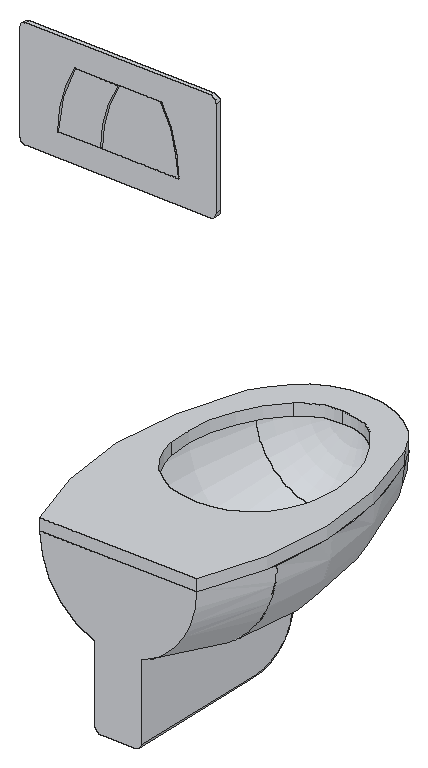
Revit family
Parameters (values of type "540 x 360mm")
  Seat Material = none
  Manufacturer = "Revit"
  Button Placement Height = 1000 mm
  Button Material = none
  Assembly Code = ""
Reference planes
  plane 1: y = 0
  plane 2 "Center (Left/Right)": x = 125
  plane 3 "Back": y = 75
Text (mm)
  text "Placement side" at (-1787.139, 592.35, 0), in view "Ref. Level"
  text "Placement side" at (0, 1827.695, 2917.686), in view "Left"
  text "Placement side" at (0, 562.268, 3853.606), in view "Right"
Dimensions and locks
  locked: plane 3 "Back" to host wall at 0
  "Button Placement Height": level to nested 1
  level to nested 2 = 430 mm
  aligned and locked: host wall to plane 1
  aligned and locked: plane 2 "Center (Left/Right)" to nested 1
  aligned and locked: plane 3 "Back" to nested 1
  aligned and locked: nested 2 to plane 3 "Back"
Nested families
  nested 1: "WC button" at (125, 75, 1000), type "340 x 190mm"
  nested 2: "WC seat" at (125, 75, 430), type "540 x 360mm"
Definition of nested family "WC button"
  Parameters (values of type "340 x 190mm")
    Material = none
    Manufacturer = "Revit"
    Assembly Code = "D2010"
  Reference planes
    plane 1 "Center (Front/Back)": y = 0
    plane 2: z = 0
    plane 3 "Center (Left/Right)": x = 0
  Forms (mm)
    Extrusion 1, solid, material <- "Material", detail levels medium+fine
      sketch origin (-125, 135, -900) x (1, 0, 0) y (0, 0, 1)
        loop
          line (285, 1090) -> (-35, 1090)
          arc (-35, 1090) -> (-42.071, 1087.071) -> (-45, 1080) r 10
          line (-45, 1080) -> (-45, 910)
          arc (-45, 910) -> (-42.071, 902.929) -> (-35, 900) r 10
          line (-35, 900) -> (285, 900)
          arc (285, 900) -> (292.071, 902.929) -> (295, 910) r 10
          line (295, 910) -> (295, 1080)
          arc (295, 1080) -> (292.071, 1087.071) -> (285, 1090) r 10
        loop
          line (200, 1050) -> (50, 1050)
          arc (50, 1050) -> (27.772, 996.971) -> (20, 940) r 220.643
          line (20, 940) -> (230, 940)
          arc (230, 940) -> (222.228, 996.971) -> (200, 1050) r 220.643
      from 127.675 to 135
    Extrusion 2, solid, material <- "Material", detail levels medium+fine
      sketch origin (-125, 135, -900) x (1, 0, 0) y (0, 0, 1)
        loop
          arc (228.993, 941) -> (221.207, 996.916) -> (199.424, 1049) r 219.643
          line (199.424, 1049) -> (127.112, 1049)
          arc (127.112, 1049) -> (105.33, 996.916) -> (97.543, 941) r 219.643
          line (97.543, 941) -> (228.993, 941)
        loop
          arc (50.576, 1049) -> (30.444, 996.464) -> (21.007, 941) r 285.457
          line (21.007, 941) -> (95.007, 941)
          arc (95.007, 941) -> (102.966, 996.998) -> (125.213, 1049) r 215.643
          line (125.213, 1049) -> (50.576, 1049)
      from 126.457 to 135
  Dimensions and locks
    locked: Extrusion 1 to Extrusion 1 at 190
    Extrusion 2 to Extrusion 2 to Extrusion 1 = 108 mm locked, 41 mm locked
    locked: Extrusion 1 to Extrusion 1 at 340
    locked: Extrusion 1 to Extrusion 1 at 7.325
    locked: Extrusion 2 to Extrusion 2 at 8.543
    aligned and locked: Extrusion 1 to Extrusion 2
    aligned and locked: Extrusion 1 to level
    aligned and locked: plane 1 "Center (Front/Back)" to Extrusion 1
Definition of nested family "WC seat"
  Parameters (values of type "540 x 360mm")
    Material = none
    Manufacturer = "Revit"
    Assembly Code = "D2010110"
  Reference planes
    plane 1 "Center (Front/Back)": y = 0
    plane 2: z = 0
    plane 3 "Center (Left/Right)": x = 0
    plane 4: y = -244.9
  Forms (mm)
    Revolve 1, solid, material <- "Material"
      sketch origin (0, 0, -20) x (1, 0, 0) y (0, 1, 0)
        loop
          arc (-174.247, -124.9) -> (-179.514, -290.639) -> (-135.875, -450.617) r 558.391
          arc (-135.875, -450.617) -> (-81.121, -515.376) -> (0, -540.098) r 150.021
          line (0, -540.098) -> (0, -520.097)
          arc (0, -520.097) -> (-70.198, -498.622) -> (-117.576, -442.547) r 130.021
          arc (-117.576, -442.547) -> (-159.862, -286.482) -> (-153.903, -124.9) r 538.391
          line (-153.903, -124.9) -> (-174.247, -124.9)
        axis (0, -540.098) -> (0, -124.9)
      angle from 0 to 180
    Extrusion 2, solid, material <- "Material"
      sketch origin (0, 0, 0) x (1, 0, 0) y (0, 1, 0)
        loop
          arc (-135.875, 0) -> (-183.349, -225.308) -> (-135.875, -450.617) r 558.391
          arc (-135.875, -450.617) -> (-81.121, -515.376) -> (0, -540.098) r 150.021
          arc (0, -540.098) -> (81.121, -515.376) -> (135.875, -450.617) r 150.021
          arc (135.875, -450.617) -> (183.349, -225.308) -> (135.875, 0) r 558.391
          line (135.875, 0) -> (-135.875, 0)
        loop
          arc (0, -164.798) -> (-83.195, -195.45) -> (-126.613, -272.753) r 128.221
          arc (-126.613, -272.753) -> (-119.024, -374.181) -> (-66.602, -461.341) r 219.88
          arc (-66.602, -461.341) -> (-36.05, -480.987) -> (0, -485.429) r 81.602
          arc (0, -485.429) -> (36.05, -480.987) -> (66.602, -461.341) r 81.602
          arc (66.602, -461.341) -> (119.024, -374.181) -> (126.613, -272.753) r 219.88
          arc (126.613, -272.753) -> (115.473, -237.275) -> (94.621, -206.485) r 128.221
          arc (94.621, -206.485) -> (51.698, -175.681) -> (0, -164.798) r 128.221
      from -20 to 0
    Blend 3, solid, material <- "Material"
      base sketch origin (0, -124.9, -20) x (0, 0, -1) y (-1, 0, 0)
        loop
          line (0, 174.247) -> (0, -174.247)
          arc (0, -174.247) -> (174.247, 0) -> (0, 174.247) r 174.247
      top sketch origin (0, -124.9, -20) x (0, 0, -1) y (-1, 0, 0)
        loop
          line (0, 135.875) -> (0, -135.875)
          spline (0, -135.875) -> (37.529, -131.246) -> (72.5, -117.672) -> (102.53, -96.078) -> (125.574, -67.938) -> (140.059, -35.167) -> (145, 0) -> (140.059, 35.167) -> (125.574, 67.938) -> (102.53, 96.078) -> (72.5, 117.672) -> (37.529, 131.246) -> (0, 135.875)
      from 0 to 124.9
    Extrusion 4, solid, material <- "Material"
      sketch origin (0, 0, 0) x (0, 1, 0) y (0, 0, 1)
        loop
          arc (0, -158.01) -> (-167.212, -190.758) -> (-337.566, -187.334) r 799.626
          line (-337.566, -187.334) -> (-337.566, -207.334)
          arc (-337.566, -207.334) -> (-310.425, -272.859) -> (-244.9, -300) r 92.666
          line (-244.9, -300) -> (0, -300) -> (0, -158.01)
      from -41.163 to 41.173
    Sweep 5, void
      path origin (41.173, 0, -158.01) x (0, 0, 1) y (0, -1, 0)
        loop
          line (-29.324, 337.566) -> (-49.324, 337.566)
          arc (-49.324, 337.566) -> (-114.849, 310.425) -> (-141.99, 244.9) r 92.666
          line (-141.99, 244.9) -> (-141.99, 0)
      profile origin (0, -122.45, 0) x (0, 0, 1) y (1, 0, 0)
        loop
          line (-280.892, 42.532) -> (-280.892, 53.837) -> (-310.892, 53.837) -> (-310.892, -51.163) -> (-280.892, -51.163) -> (-280.892, -43.084) -> (-285, -43.084)
          arc (-285, -43.084) -> (-295.607, -38.69) -> (-300, -28.084) r 15
          line (-300, -28.084) -> (-300, 27.532)
          arc (-300, 27.532) -> (-295.607, 38.139) -> (-285, 42.532) r 15
          line (-285, 42.532) -> (-280.892, 42.532)
  Cuts and joins
    Sweep 5 cuts Blend 3
    Sweep 5 cuts Extrusion 4
    joined: Revolve 1, Blend 3, Extrusion 4
    Sweep 5 cuts Extrusion 2
  Lines and regions (mm)
    symbolic lines, detail levels medium+fine
      curve 1: arc (-79.298, -101.182, 0) -> (-71.563, -108.918, 0) -> (-63.827, -101.182, 0) r 7.735
      curve 2: arc (-63.827, -101.182, 0) -> (-71.563, -93.447, 0) -> (-79.298, -101.182, 0) r 7.735
      curve 3: arc (69.087, -101.182, 0) -> (76.822, -108.918, 0) -> (84.558, -101.182, 0) r 7.735
      curve 4: arc (84.558, -101.182, 0) -> (76.822, -93.447, 0) -> (69.087, -101.182, 0) r 7.735
      curve 5: line (-41.163, -255.357, 0) -> (41.173, -255.357, 0)
      curve 6: arc (41.173, -255.357, 0) -> (55.315, -261.214, 0) -> (61.173, -275.357, 0) r 20
      curve 7: line (61.173, -275.357, 0) -> (61.173, -295.881, 0)
      curve 8: arc (61.173, -295.881, 0) -> (60.21, -305.649, 0) -> (57.356, -315.041, 0) r 50
      curve 9: arc (57.356, -315.041, 0) -> (0.005, -353.338, 0) -> (-57.346, -315.041, 0) r 62.091
      curve 10: arc (-57.346, -315.041, 0) -> (-60.2, -305.649, 0) -> (-61.163, -295.881, 0) r 50
      curve 11: line (-61.163, -295.881, 0) -> (-61.163, -275.357, 0)
      curve 12: arc (-61.163, -275.357, 0) -> (-55.305, -261.214, 0) -> (-41.163, -255.357, 0) r 20
    symbolic lines
      curve 13: arc (-135.875, 0, 0) -> (-183.349, -225.308, 0) -> (-135.875, -450.617, 0) r 558.391
      curve 14: arc (-135.875, -450.617, 0) -> (-81.121, -515.376, 0) -> (0, -540.098, 0) r 150.021
      curve 15: arc (0, -540.098, 0) -> (81.121, -515.376, 0) -> (135.875, -450.617, 0) r 150.021
      curve 16: arc (135.875, -450.617, 0) -> (183.349, -225.308, 0) -> (135.875, 0, 0) r 558.391
      curve 17: line (135.875, 0, 0) -> (-135.875, 0, 0)
      curve 18: arc (-126.613, -272.753, 0) -> (-83.195, -195.45, 0) -> (0, -164.798, 0) r 128.221
      curve 19: arc (0, -164.798, 0) -> (51.698, -175.681, 0) -> (94.621, -206.485, 0) r 128.221
      curve 20: arc (94.621, -206.485, 0) -> (115.473, -237.275, 0) -> (126.613, -272.753, 0) r 128.221
      curve 21: arc (126.613, -272.753, 0) -> (119.024, -374.181, 0) -> (66.602, -461.341, 0) r 219.88
      curve 22: arc (66.602, -461.341, 0) -> (36.05, -480.987, 0) -> (0, -485.429, 0) r 81.602
      curve 23: arc (0, -485.429, 0) -> (-36.05, -480.987, 0) -> (-66.602, -461.341, 0) r 81.602
      curve 24: arc (-66.602, -461.341, 0) -> (-119.024, -374.181, 0) -> (-126.613, -272.753, 0) r 219.88
  Dimensions and locks
    aligned and locked: Extrusion 2 to Revolve 1
    aligned and locked: level to Extrusion 2
